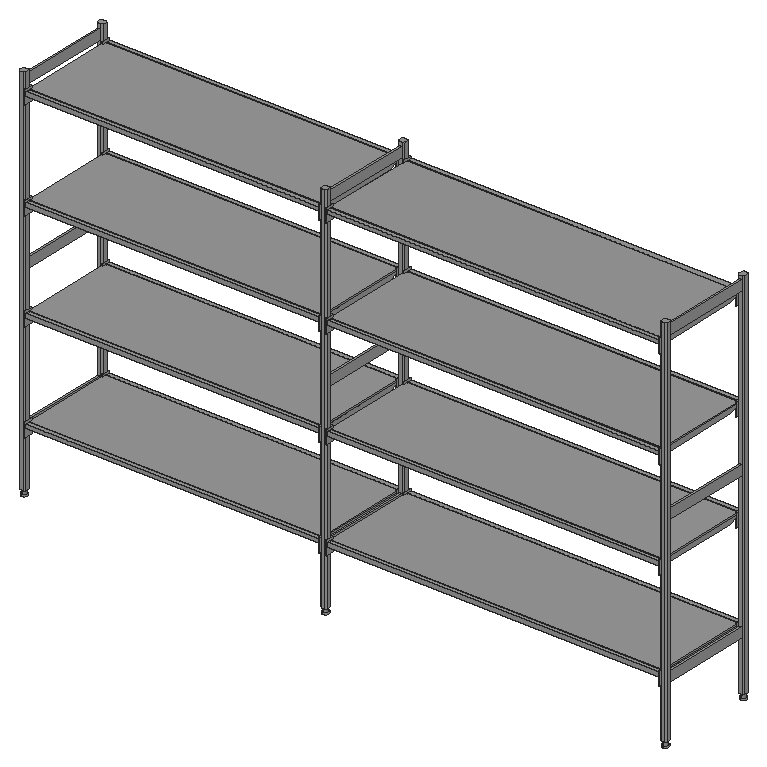
Revit family "QF_ELECTROLUXPROFESSIONAL_137049_BLS2935", category Attrezzature speciali, Revit 2020
Family settings
  Quota connettore circolare = Usa diametro
  Tipo di parte = Normale
  Basato su piano di lavoro = No
  Sempre verticale = Sì
  Taglio con vuoti quando caricato = No
  Condiviso = No
  Punto di calcolo locali = No
Parameters (values of type "Standard")
  Weight = 51.00 kg
  Watts = 0 W
  Volts = 0 V
  URL Manufacturer = "https://www.electroluxprofessional.com/"
  URL = "https://www.electroluxprofessional.com/"
  Steam Supply Size = 0 mm
  Steam Supply Minimum Pressure = 0.0 Pa
  Steam Supply Maximum Pressure = 0.0 Pa
  Steam Consumption per Hour = 0
  Refrigeration Suction Line Size = 0.0 mm
  Refrigeration Liquid Line Size = 0.0 mm
  Refrigerant Compressor Remote = yes
  Prospetto di default = 0.0 mm
  Phase = 0
  Modello = "BLS2935"
  Produttore = "Electrolux Professional"
  Length Actual = 2935.0 mm  # constant formula
  Item Number = "137049"
  Hot Water Size = 0 mm
  Height Actual = 1700.0 mm  # constant formula
  HP = "0 HP"
  Gas Size = 0 mm
  Gas KW = 0
  Gas Input Pressure = 0 W
  Direct Waste Size = 0 mm
  Descrizione = "ALUM.LINEAR SHELV.-POLY.TIERS-475X2935MM"
  Depth Actual = 475.0 mm  # constant formula
  Cycle = 0 Hz
  Condensate Return Size = 0 mm
  Compressed Air Volume = 0.0 L/s
  Compressed Air Size = 0 mm
  Compressed Air Pressure = 0.0 Pa
  Cold Water Size = 0 mm
  Accessory = yes
Reference planes
  plane 1: z = 0
  plane 2 "CenterLeft": x = -31
  plane 3 "LEFT": x = -417
  plane 4 "BACK": y = 23
  plane 5 "FRONT": y = -452
  plane 6 "TOP": z = 1700
  plane 7: x = -385
  plane 8: x = 945
  plane 9 "Center (Front/Back)": y = -214.5
  plane 10: y = -8.5
  plane 11: y = -420.5
  plane 12 "FEET": z = 25
  plane 13: z = 275
  plane 14: z = 725
  plane 15: z = 1175
  plane 16: z = 1625
  plane 17 "CXLeft": x = -403
  plane 18 "Center (Left/Right)": x = 963
  plane 19: y = 5.5
  plane 20 "CYBack": y = 5.5
  plane 21 "CYFront": y = -434.5
  plane 22 "RIGHT": x = 2518
  plane 23: x = 2486
  plane 24 "CXRight": x = 2504
  plane 25: x = 981
Forms (mm)
  Extrusion 1, solid, material "QF_Aluminum"
    sketch origin (-417, 0, -4.006) x (0, 1, 0) y (0, 0, 1)
      loop
        line (-12, 1637.003) -> (4, 1637.003) -> (4, 1655) -> (2.007, 1655) -> (2.007, 1648.501) -> (-431, 1648.501) -> (-431, 1655) -> (-433, 1655) -> (-433, 1637.003) -> (-417, 1637.003) -> (-383, 1625) -> (-46, 1625) -> (-12, 1637.003)
      loop
        line (-12, 1187.003) -> (4, 1187.003) -> (4, 1205) -> (2.007, 1205) -> (2.007, 1198.501) -> (-431, 1198.501) -> (-431, 1205) -> (-433, 1205) -> (-433, 1187.003) -> (-417, 1187.003) -> (-383, 1175) -> (-46, 1175) -> (-12, 1187.003)
      loop
        line (-12, 737.003) -> (4, 737.003) -> (4, 755) -> (2.007, 755) -> (2.007, 748.501) -> (-431, 748.501) -> (-431, 755) -> (-433, 755) -> (-433, 737.003) -> (-417, 737.003) -> (-383, 725) -> (-46, 725) -> (-12, 737.003)
      loop
        line (-12, 287.003) -> (4, 287.003) -> (4, 305) -> (2.007, 305) -> (2.007, 298.501) -> (-431, 298.501) -> (-431, 305) -> (-433, 305) -> (-433, 287.003) -> (-417, 287.003) -> (-383, 275) -> (-46, 275) -> (-12, 287.003)
    from 37 to 32
  Extrusion 2, solid, material "QF_Aluminum"
    sketch origin (-417, 0, 0) x (0, 1, 0) y (0, 0, 1)
      loop
        line (23, 246.005) -> (23, 307.993) -> (-12.993, 307.993) -> (-12.993, 246.005) -> (23, 246.005)
      loop
        line (-452, 246.005) -> (-416.007, 246.005) -> (-416.007, 307.993) -> (-452, 307.993) -> (-452, 246.005)
      loop
        line (23, 696.005) -> (23, 757.993) -> (-12.993, 757.993) -> (-12.993, 696.005) -> (23, 696.005)
      loop
        line (-452, 696.005) -> (-416.007, 696.005) -> (-416.007, 757.993) -> (-452, 757.993) -> (-452, 696.005)
      loop
        line (23, 1146.005) -> (23, 1207.993) -> (-12.993, 1207.993) -> (-12.993, 1146.005) -> (23, 1146.005)
      loop
        line (-452, 1146.005) -> (-416.007, 1146.005) -> (-416.007, 1207.993) -> (-452, 1207.993) -> (-452, 1146.005)
      loop
        line (23, 1596.005) -> (23, 1657.993) -> (-12.993, 1657.993) -> (-12.993, 1596.005) -> (23, 1596.005)
      loop
        line (-452, 1596.005) -> (-416.007, 1596.005) -> (-416.007, 1657.993) -> (-452, 1657.993) -> (-452, 1596.005)
    from 28 to 32
  Extrusion 3, solid, material "QF_Aluminum"
    sketch origin (-417, 0, 0) x (0, 1, 0) y (0, 0, 1)
      loop
        line (4, 1650.994) -> (4, 1632.998) -> (23, 1632.998) -> (23, 1650.994) -> (4, 1650.994)
      loop
        line (-433, 1650.994) -> (-452, 1650.994) -> (-452, 1632.998) -> (-433, 1632.998) -> (-433, 1650.994)
      loop
        line (4, 1200.994) -> (4, 1182.998) -> (23, 1182.998) -> (23, 1200.994) -> (4, 1200.994)
      loop
        line (-433, 1200.994) -> (-452, 1200.994) -> (-452, 1182.998) -> (-433, 1182.998) -> (-433, 1200.994)
      loop
        line (4, 750.994) -> (4, 732.998) -> (23, 732.998) -> (23, 750.994) -> (4, 750.994)
      loop
        line (-433, 750.994) -> (-452, 750.994) -> (-452, 732.998) -> (-433, 732.998) -> (-433, 750.994)
      loop
        line (4, 300.994) -> (4, 282.998) -> (23, 282.998) -> (23, 300.994) -> (4, 300.994)
      loop
        line (-433, 300.994) -> (-452, 300.994) -> (-452, 282.998) -> (-433, 282.998) -> (-433, 300.994)
    from 32 to 1362
  Extrusion 4, solid, material "QF_Polyethylene"
    sketch origin (-417, 0, 0) x (0, 1, 0) y (0, 0, 1)
      loop
        line (2.007, 1650.994) -> (-431, 1650.994) -> (-431, 1644.496) -> (2.007, 1644.496) -> (2.007, 1650.994)
      loop
        line (2.007, 1200.994) -> (-431, 1200.994) -> (-431, 1194.496) -> (2.007, 1194.496) -> (2.007, 1200.994)
      loop
        line (2.007, 750.994) -> (-431, 750.994) -> (-431, 744.496) -> (2.007, 744.496) -> (2.007, 750.994)
      loop
        line (2.007, 300.994) -> (-431, 300.994) -> (-431, 294.496) -> (2.007, 294.496) -> (2.007, 300.994)
    from 32 to 1362
  Extrusion 5, solid, material "QF_Aluminum"
    sketch origin (2518, 0, 0) x (0, 1, 0) y (0, 0, 1)
      loop
        line (4, 1650.994) -> (4, 1632.998) -> (23, 1632.998) -> (23, 1650.994) -> (4, 1650.994)
      loop
        line (-433, 1650.994) -> (-452, 1650.994) -> (-452, 1632.998) -> (-433, 1632.998) -> (-433, 1650.994)
      loop
        line (4, 1200.994) -> (4, 1182.998) -> (23, 1182.998) -> (23, 1200.994) -> (4, 1200.994)
      loop
        line (-433, 1200.994) -> (-452, 1200.994) -> (-452, 1182.998) -> (-433, 1182.998) -> (-433, 1200.994)
      loop
        line (4, 750.994) -> (4, 732.998) -> (23, 732.998) -> (23, 750.994) -> (4, 750.994)
      loop
        line (-433, 750.994) -> (-452, 750.994) -> (-452, 732.998) -> (-433, 732.998) -> (-433, 750.994)
      loop
        line (4, 300.994) -> (4, 282.998) -> (23, 282.998) -> (23, 300.994) -> (4, 300.994)
      loop
        line (-433, 300.994) -> (-452, 300.994) -> (-452, 282.998) -> (-433, 282.998) -> (-433, 300.994)
    from -32 to -1537
  Extrusion 6, solid, material "QF_Polyethylene"
    sketch origin (2518, 0, 0) x (0, 1, 0) y (0, 0, 1)
      loop
        line (2.007, 1650.994) -> (-431, 1650.994) -> (-431, 1644.496) -> (2.007, 1644.496) -> (2.007, 1650.994)
      loop
        line (2.007, 1200.994) -> (-431, 1200.994) -> (-431, 1194.496) -> (2.007, 1194.496) -> (2.007, 1200.994)
      loop
        line (2.007, 750.994) -> (-431, 750.994) -> (-431, 744.496) -> (2.007, 744.496) -> (2.007, 750.994)
      loop
        line (2.007, 300.994) -> (-431, 300.994) -> (-431, 294.496) -> (2.007, 294.496) -> (2.007, 300.994)
    from -32 to -1537
Lines and regions (mm)
  symbolic lines
    curve 1: line (945, 4, 1700) -> (-385, 4, 1700)
    curve 2: line (-408, -8.5, 1700) -> (-408, -420.5, 1700)
    curve 3: line (-398, -420.5, 1700) -> (-398, -8.5, 1700)
    curve 4: line (-389, 23, 1700) -> (949, 23, 1700)
    curve 5: line (-385, -452, 1700) -> (945, -452, 1700)
    curve 6: line (977, 23, 1700) -> (2490, 23, 1700)
    curve 7: line (977, -452, 1700) -> (2490, -452, 1700)
    curve 8: line (-385, -433, 1700) -> (945, -433, 1700)
    curve 9: line (981, -433, 1700) -> (2486, -433, 1700)
    curve 10: line (981, 4, 1700) -> (2486, 4, 1700)
    curve 11: line (2486, -12.993, 1700) -> (2486, -416.007, 1700)
    curve 12: line (945, -12.993, 1700) -> (945, -416.007, 1700)
    curve 13: line (981, -416.007, 1700) -> (981, -12.993, 1700)
    curve 14: line (-385, -12.993, 1700) -> (-385, -416.007, 1700)
Dimensions and locks
  plane 3 "LEFT" to plane 2 "CenterLeft" = 386.0 mm
  locked: plane 6 "TOP" to level at 1700
  locked: plane 4 "BACK" to plane 5 "FRONT" at 475
  locked: plane 7 to plane 8 at 1330
  locked: plane 10 to plane 11 at 412
  equal spacing: plane 10, plane 9 "Center (Front/Back)", plane 11
  equal spacing: plane 4 "BACK", plane 9 "Center (Front/Back)", plane 5 "FRONT"
  plane 12 "FEET" to level = 25.0 mm
  plane 6 "TOP" to plane 12 "FEET" = 1675.0 mm
  plane 13 to plane 12 "FEET" = 250.0 mm
  plane 14 to plane 13 = 450.0 mm
  plane 15 to plane 14 = 450.0 mm
  plane 16 to plane 15 = 450.0 mm
  locked: plane 4 "BACK" to plane 20 "CYBack" at 17.5
  locked: plane 21 "CYFront" to plane 5 "FRONT" at 17.5
  locked: plane 4 "BACK" to Extrusion 1 at 19
  locked: Extrusion 1 to plane 5 "FRONT" at 19
  Extrusion 1 sketch curve to plane 21 "CYFront" = 3.5 mm
  plane 3 "LEFT" to plane 22 "RIGHT" = 2935.0 mm
  locked: plane 25 to plane 23 at 1505
  locked: plane 8 to plane 18 "Center (Left/Right)" at 18
  locked: plane 18 "Center (Left/Right)" to plane 25 at 18
  locked: plane 3 "LEFT" to plane 7 at 32
  locked: plane 24 "CXRight" to plane 22 "RIGHT" at 14
  aligned and locked: level to plane 1
  aligned and locked: plane 7 to Extrusion 1
  aligned and locked: Extrusion 2 to plane 7
  aligned and locked: plane 7 to Extrusion 4
  aligned and locked: Extrusion 4 to plane 8
  aligned and locked: plane 7 to Extrusion 3
  aligned and locked: Extrusion 3 to plane 8
  aligned and locked: Extrusion 3 sketch curve to Extrusion 1
  aligned and locked: Extrusion 1 to Extrusion 3 sketch curve
  aligned and locked: Extrusion 3 sketch curve to Extrusion 3 sketch curve  (x2)
  aligned and locked: Extrusion 1 sketch curve to Extrusion 1 sketch curve  (x3)
  aligned and locked: Extrusion 4 sketch curve to Extrusion 1  (x4)
  aligned and locked: Extrusion 5 sketch curve to Extrusion 5 sketch curve  (x2)
  aligned and locked: Extrusion 5 to plane 25
  aligned and locked: Extrusion 6 to plane 25
  aligned and locked: nested 3 to plane 18 "Center (Left/Right)"
  aligned and locked: nested 1 to plane 17 "CXLeft"
  aligned and locked: Extrusion 3 to plane 7  (x3)
  aligned and locked: plane 8 to Extrusion 3  (x4)
  aligned and locked: plane 25 to Extrusion 5  (x4)
  aligned and locked: plane 25 to Extrusion 6  (x4)
  aligned and locked: plane 8 to Extrusion 4  (x4)
  aligned and locked: nested 2 to plane 24 "CXRight"
  aligned and locked: Extrusion 5 to plane 23
  aligned and locked: Extrusion 6 to plane 23
  aligned and locked: plane 23 to Extrusion 5  (x3)
  aligned and locked: plane 23 to Extrusion 6  (x3)
Automatic sketch dimensions
  plane 21 "CYFront" to Extrusion 1 sketch curve = 1.5 mm  (x4)
  plane 11 to Extrusion 1 sketch curve = 3.5 mm  (x4)
  Extrusion 1 sketch curve to plane 13 = 4.006 mm
  Extrusion 1 sketch curve to Extrusion 1 sketch curve = 34.0 mm  (x4)
  Extrusion 1 sketch curve to plane 14 = 4.006 mm
  Extrusion 1 sketch curve to plane 15 = 4.006 mm
  Extrusion 1 sketch curve to plane 16 = 4.006 mm
  Extrusion 1 sketch curve to plane 10 = 37.5 mm  (x4)
  Extrusion 1 sketch curve to plane 10 = 3.5 mm  (x4)
  plane 19 to Extrusion 1 sketch curve = 3.493 mm  (x4)
  plane 19 to Extrusion 1 sketch curve = 1.5 mm  (x4)
  plane 13 to Extrusion 1 sketch curve = 7.998 mm  (x2)
  Extrusion 1 sketch curve to Extrusion 1 sketch curve = 11.498 mm  (x4)
  Extrusion 1 sketch curve to Extrusion 1 sketch curve = 6.499 mm  (x8)
  plane 14 to Extrusion 1 sketch curve = 7.998 mm  (x2)
  plane 15 to Extrusion 1 sketch curve = 7.998 mm  (x2)
  plane 16 to Extrusion 1 sketch curve = 7.998 mm  (x2)
  Extrusion 2 sketch curve to plane 5 "FRONT" = 0.0 mm  (x4)
  Extrusion 2 sketch curve to plane 4 "BACK" = 0.0 mm  (x4)
  plane 11 to Extrusion 2 sketch curve = 4.493 mm  (x4)
  Extrusion 2 sketch curve to plane 10 = 4.493 mm  (x4)
  Extrusion 2 sketch curve to plane 13 = 28.995 mm  (x2)
  plane 13 to Extrusion 2 sketch curve = 32.993 mm  (x2)
  Extrusion 2 sketch curve to plane 14 = 28.995 mm  (x2)
  plane 14 to Extrusion 2 sketch curve = 32.993 mm  (x2)
  Extrusion 2 sketch curve to plane 15 = 28.995 mm  (x2)
  plane 15 to Extrusion 2 sketch curve = 32.993 mm  (x2)
  Extrusion 2 sketch curve to plane 16 = 28.995 mm  (x2)
  plane 16 to Extrusion 2 sketch curve = 32.993 mm  (x2)
  Extrusion 3 sketch curve to plane 5 "FRONT" = 0.0 mm  (x4)
  Extrusion 3 sketch curve to plane 4 "BACK" = 0.0 mm  (x4)
  plane 19 to Extrusion 3 sketch curve = 1.5 mm  (x4)
  plane 13 to Extrusion 3 sketch curve = 7.998 mm  (x2)
  Extrusion 3 sketch curve to Extrusion 3 sketch curve = 17.997 mm  (x8)
  plane 14 to Extrusion 3 sketch curve = 7.998 mm  (x2)
  plane 15 to Extrusion 3 sketch curve = 7.998 mm  (x2)
  plane 16 to Extrusion 3 sketch curve = 7.998 mm  (x2)
  plane 19 to Extrusion 4 sketch curve = 3.493 mm  (x4)
  plane 13 to Extrusion 4 sketch curve = 19.496 mm
  Extrusion 4 sketch curve to Extrusion 4 sketch curve = 6.499 mm  (x4)
  plane 14 to Extrusion 4 sketch curve = 19.496 mm
  plane 15 to Extrusion 4 sketch curve = 19.496 mm
  plane 16 to Extrusion 4 sketch curve = 19.496 mm
  Extrusion 5 sketch curve to plane 5 "FRONT" = 0.0 mm  (x4)
  Extrusion 5 sketch curve to plane 4 "BACK" = 0.0 mm  (x4)
  plane 21 "CYFront" to Extrusion 5 sketch curve = 1.5 mm  (x2)
  plane 19 to Extrusion 5 sketch curve = 1.5 mm  (x4)
  plane 13 to Extrusion 5 sketch curve = 7.998 mm  (x2)
  Extrusion 5 sketch curve to Extrusion 5 sketch curve = 17.997 mm  (x8)
  plane 14 to Extrusion 5 sketch curve = 7.998 mm  (x2)
  plane 15 to Extrusion 5 sketch curve = 7.998 mm  (x2)
  plane 16 to Extrusion 5 sketch curve = 7.998 mm  (x2)
  plane 21 "CYFront" to Extrusion 6 sketch curve = 3.5 mm  (x4)
  plane 19 to Extrusion 6 sketch curve = 3.493 mm  (x4)
  plane 13 to Extrusion 6 sketch curve = 19.496 mm
  Extrusion 6 sketch curve to Extrusion 6 sketch curve = 6.499 mm  (x4)
  plane 14 to Extrusion 6 sketch curve = 19.496 mm
  plane 15 to Extrusion 6 sketch curve = 19.496 mm
  plane 16 to Extrusion 6 sketch curve = 19.496 mm
  curve 7 to plane 5 "FRONT" = 0.0 mm
  curve 5 to plane 5 "FRONT" = 0.0 mm
  curve 8 to plane 8 = 0.0 mm
  curve 9 to plane 25 = 0.0 mm
  curve 9 to plane 23 = 0.0 mm
  curve 8 to plane 7 = 0.0 mm
  curve 2 to plane 11 = 0.0 mm
  curve 3 to plane 11 = 0.0 mm
  curve 14 to plane 7 = 0.0 mm
  curve 13 to plane 25 = 0.0 mm
  curve 12 to plane 8 = 0.0 mm
  curve 11 to plane 23 = 0.0 mm
  curve 3 to plane 10 = 0.0 mm
  curve 2 to plane 10 = 0.0 mm
  curve 1 to plane 8 = 0.0 mm
  curve 1 to plane 7 = 0.0 mm
  curve 10 to plane 23 = 0.0 mm
  curve 10 to plane 25 = 0.0 mm
  curve 4 to plane 4 "BACK" = 0.0 mm
  curve 6 to plane 4 "BACK" = 0.0 mm
  curve 5 to plane 8 = 0.0 mm
  curve 5 to plane 7 = 0.0 mm
  plane 21 "CYFront" to curve 8 = 1.5 mm
  plane 21 "CYFront" to curve 9 = 1.5 mm
  plane 11 to curve 14 = 4.493 mm
  plane 11 to curve 13 = 4.493 mm
  plane 11 to curve 12 = 4.493 mm
  plane 11 to curve 11 = 4.493 mm
  curve 14 to plane 10 = 4.493 mm
  curve 13 to plane 10 = 4.493 mm
  curve 12 to plane 10 = 4.493 mm
  curve 11 to plane 10 = 4.493 mm
  plane 19 to curve 1 = 1.5 mm
  plane 19 to curve 10 = 1.5 mm
  curve 6 to plane 23 = 4.0 mm
  curve 7 to plane 23 = 4.0 mm
  curve 6 to plane 25 = 4.0 mm
  curve 7 to plane 25 = 4.0 mm
  curve 4 to plane 8 = 4.0 mm
  plane 7 to curve 4 = 4.0 mm
  plane 17 "CXLeft" to curve 3 = 5.0 mm
  curve 2 to plane 17 "CXLeft" = 5.0 mm
Nested families
  nested 1: "WT_Anta475" at (0, 0, 0), type "WT_Anta475"
  nested 2: "WT_Anta475" at (2101, 0, 0) x (-1, 0, 0) z (0, 0, 1), type "WT_Anta475"
  nested 3: "WT_Anta475Center" at (1366, 0, 0), type "WT_Anta475Center"
Definition of nested family "WT_Anta475"
  Parameters
    WidthLeft = A + 64.0 mm  # 772.0 mm
    Width = 1606.0 mm
    Right = WidthLeft / 2  # 386.0 mm
    Default Elevation = 0.0 mm
    Left = -WidthLeft / 2  # -386.0 mm
    Height = 1725.0 mm
    FEET = 25.0 mm
    E = 0.0 mm
    Dint = Depth - 63.0 mm  # 412.0 mm
    Dext = Depth - 8.0 mm  # 467.0 mm
    Depth = 475.0 mm
    DX = (WidthLeft - A) / 2  # 32.0 mm
    B = 798.0 mm
    A = 708.0 mm
  Reference planes
    plane 1: z = 0
    plane 2 "LEFT": x = -417
    plane 3 "BACK": y = 23
    plane 4 "FRONT": y = -452
    plane 5 "TOP": z = 1725
    plane 6 "Center (Front/Back)": y = -214.5
    plane 7: y = -8.5
    plane 8: y = -420.5
    plane 9 "FEET": z = 25
    plane 10: z = 275
    plane 11: z = 725
    plane 12: z = 1175
    plane 13: z = 1625
    plane 14 "CXLeft": x = -403
    plane 15: y = 5.5
    plane 16 "CYBack": y = 5.5
    plane 17 "CYFront": y = -434.5
    plane 18: x = -385.031
    plane 19: x = -380.031
  Forms (mm)
    Extrusion 1, solid
      sketch origin (0, 0, 0) x (1, 0, 0) y (0, 1, 0)
        loop
          line (-417, 13.246) -> (-417, -2.246) -> (-410.746, -8.5) -> (-395.254, -8.5) -> (-389, -2.246) -> (-389, 13.246) -> (-395.254, 19.5) -> (-410.746, 19.5) -> (-417, 13.246)
      from 1725 to 25
    Extrusion 2, solid
      sketch origin (-417, 0, 0) x (0, 1, 0) y (0, 0, 1)
        loop
          line (23, 246.005) -> (23, 307.993) -> (-12.993, 307.993) -> (-12.993, 246.005) -> (23, 246.005)
        loop
          line (-452, 246.005) -> (-416.007, 246.005) -> (-416.007, 307.993) -> (-452, 307.993) -> (-452, 246.005)
        loop
          line (23, 696.005) -> (23, 757.993) -> (-12.993, 757.993) -> (-12.993, 696.005) -> (23, 696.005)
        loop
          line (-452, 696.005) -> (-416.007, 696.005) -> (-416.007, 757.993) -> (-452, 757.993) -> (-452, 696.005)
        loop
          line (23, 1146.005) -> (23, 1207.993) -> (-12.993, 1207.993) -> (-12.993, 1146.005) -> (23, 1146.005)
        loop
          line (-452, 1146.005) -> (-416.007, 1146.005) -> (-416.007, 1207.993) -> (-452, 1207.993) -> (-452, 1146.005)
        loop
          line (23, 1596.005) -> (23, 1657.993) -> (-12.993, 1657.993) -> (-12.993, 1596.005) -> (23, 1596.005)
        loop
          line (-452, 1596.005) -> (-416.007, 1596.005) -> (-416.007, 1657.993) -> (-452, 1657.993) -> (-452, 1596.005)
      from 28 to 32
    Revolve 3, solid
      sketch origin (-403, 0, 0) x (0, 1, 0) y (0, 0, 1)
        loop
          line (5.5, 25) -> (5.5, 0) -> (19, 0) -> (19, 5) -> (14, 5) -> (14, 25) -> (5.5, 25)
        axis (5.5, 25) -> (5.5, 0)
      angle from 0 to 360
    Extrusion 4, solid
      sketch origin (-403, 0, 0) x (0, 1, 0) y (0, 0, 1)
        loop
          line (-8.5, 912.382) -> (-8.5, 957.374) -> (-420.5, 957.374) -> (-420.5, 912.382) -> (-8.5, 912.382)
        loop
          line (-8.5, 1662.244) -> (-8.5, 1707.236) -> (-420.5, 1707.236) -> (-420.5, 1662.244) -> (-8.5, 1662.244)
      from -5 to 5
    Revolve 5, solid
      sketch origin (-403, -627, 0) x (0, -1, 0) y (0, 0, 1)
        loop
          line (-192.5, 25) -> (-192.5, 0) -> (-179, 0) -> (-179, 5) -> (-184, 5) -> (-184, 25) -> (-192.5, 25)
        axis (-192.5, 25) -> (-192.5, 0)
      angle from 0 to 360
    Extrusion 6, solid
      sketch origin (0, -627, 0) x (1, 0, 0) y (0, 1, 0)
        loop
          line (-417, 184.754) -> (-410.746, 178.5) -> (-395.254, 178.5) -> (-389, 184.754) -> (-389, 200.246) -> (-395.254, 206.5) -> (-410.746, 206.5) -> (-417, 200.246) -> (-417, 184.754)
      from 1725 to 25
    Extrusion 7, solid
      sketch origin (-417.031, -0.022, 0) x (0, 1, 0) y (0, 0, -1)
        loop
          line (-12, -1632.998) -> (-46, -1620.994) -> (-383, -1620.994) -> (-417, -1632.998) -> (-433, -1632.998) -> (-433, -1650.994) -> (-431, -1650.994) -> (-431, -1644.496) -> (2.007, -1644.496) -> (2.007, -1650.994) -> (4, -1650.994) -> (4, -1632.998) -> (-12, -1632.998)
        loop
          line (-12, -1182.998) -> (-46, -1170.994) -> (-383, -1170.994) -> (-417, -1182.998) -> (-433, -1182.998) -> (-433, -1200.994) -> (-431, -1200.994) -> (-431, -1194.496) -> (2.007, -1194.496) -> (2.007, -1200.994) -> (4, -1200.994) -> (4, -1182.998) -> (-12, -1182.998)
        loop
          line (-12, -732.998) -> (-46, -720.994) -> (-383, -720.994) -> (-417, -732.998) -> (-433, -732.998) -> (-433, -750.994) -> (-431, -750.994) -> (-431, -744.496) -> (2.007, -744.496) -> (2.007, -750.994) -> (4, -750.994) -> (4, -732.998) -> (-12, -732.998)
        loop
          line (-12, -282.998) -> (-46, -270.994) -> (-383, -270.994) -> (-417, -282.998) -> (-433, -282.998) -> (-433, -300.994) -> (-431, -300.994) -> (-431, -294.496) -> (2.007, -294.496) -> (2.007, -300.994) -> (4, -300.994) -> (4, -282.998) -> (-12, -282.998)
      from -32 to -37
    Extrusion 8, solid
      sketch origin (-403, 0, -659.878) x (0, 1, 0) y (0, 0, 1)
        loop
          line (-8.5, 912.382) -> (-8.5, 957.374) -> (-420.5, 957.374) -> (-420.5, 912.382) -> (-8.5, 912.382)
        loop
          line (-8.5, 1572.382) -> (-8.5, 1617.374) -> (-420.5, 1617.374) -> (-420.5, 1572.382) -> (-8.5, 1572.382)
        loop
          line (-8.5, 2322.382) -> (-8.5, 2367.374) -> (-420.5, 2367.374) -> (-420.5, 2322.382) -> (-8.5, 2322.382)
      from -5 to 5
  Lines and regions (mm)
    symbolic lines
      curve 1: line (-408, -8.5, 1725) -> (-408, -420.5, 1725)
      curve 2: line (-398, -420.5, 1725) -> (-398, -8.5, 1725)
      curve 3: line (-395.254, -8.5, 1725) -> (-410.746, -8.5, 1725)
      curve 4: line (-417, -2.246, 1725) -> (-410.746, -8.5, 1725)
      curve 5: line (-417, 13.246, 1725) -> (-417, -2.246, 1725)
      curve 6: line (-410.746, 19.5, 1725) -> (-417, 13.246, 1725)
      curve 7: line (-395.254, 19.5, 1725) -> (-410.746, 19.5, 1725)
      curve 8: line (-389, 13.246, 1725) -> (-395.254, 19.5, 1725)
      curve 9: line (-395.254, -8.5, 1725) -> (-389, -2.246, 1725)
      curve 10: line (-395.254, -420.5, 1725) -> (-410.746, -420.5, 1725)
      curve 11: line (-417, -426.754, 1725) -> (-410.746, -420.5, 1725)
      curve 12: line (-410.746, -448.5, 1725) -> (-417, -442.246, 1725)
      curve 13: line (-395.254, -448.5, 1725) -> (-410.746, -448.5, 1725)
      curve 14: line (-389, -442.246, 1725) -> (-395.254, -448.5, 1725)
      curve 15: line (-395.254, -420.5, 1725) -> (-389, -426.754, 1725)
      curve 16: line (-389, -452, 1725) -> (-389, -416.007, 1725)
      curve 17: line (-389, -416.007, 1725) -> (-385, -416.007, 1725)
      curve 18: line (-389, 23, 1725) -> (-389, -12.993, 1725)
      curve 19: line (-389, -12.993, 1725) -> (-385, -12.993, 1725)
      curve 20: line (-417, -426.754, 1725) -> (-417, -442.246, 1725)
      curve 21: line (-385, -452, 1725) -> (-385, -416.007, 1725)
      curve 22: line (-385, -452, 1725) -> (-389, -452, 1725)
      curve 23: line (-385, 23, 1725) -> (-389, 23, 1725)
      curve 24: line (-385, -12.993, 1725) -> (-385, 23, 1725)
      curve 25: line (-385.031, -13.016, 1725) -> (-385.031, -416.029, 1725)
  Dimensions and locks
    "Height": plane 5 "TOP" to level
    "Depth": plane 3 "BACK" to plane 4 "FRONT"
    "Dint": plane 7 to plane 8
    equal spacing: plane 7, plane 6 "Center (Front/Back)", plane 8
    equal spacing: plane 3 "BACK", plane 6 "Center (Front/Back)", plane 4 "FRONT"
    plane 9 "FEET" to level = 25.0 mm
    plane 5 "TOP" to plane 9 "FEET" = 1700.0 mm
    plane 10 to plane 9 "FEET" = 250.0 mm
    plane 11 to plane 10 = 450.0 mm
    plane 12 to plane 11 = 450.0 mm
    plane 13 to plane 12 = 450.0 mm
    locked: plane 2 "LEFT" to plane 14 "CXLeft" at 14
    locked: plane 3 "BACK" to plane 16 "CYBack" at 17.5
    locked: plane 17 "CYFront" to plane 4 "FRONT" at 17.5
    locked: Revolve 3 sketch curve to Revolve 3 sketch curve at 8.5
    locked: Revolve 3 sketch curve to plane 16 "CYBack" at 13.5
    locked: Revolve 5 sketch curve to Revolve 5 sketch curve at 8.5
    aligned and locked: level to plane 1
    aligned and locked: curve 20 to Extrusion 6
    aligned and locked: plane 5 "TOP" to Extrusion 1
    aligned and locked: plane 5 "TOP" to Extrusion 6
    aligned and locked: Extrusion 7 sketch curve to Extrusion 7 sketch curve  (x3)
  Automatic sketch dimensions
    curve 16 to plane 4 "FRONT" = 0.0 mm
    curve 11 to plane 8 = 0.0 mm
    curve 9 to plane 7 = 0.0 mm
    curve 5 to plane 2 "LEFT" = 0.0 mm
    curve 23 to plane 3 "BACK" = 0.0 mm
    plane 4 "FRONT" to curve 13 = 3.5 mm
    curve 20 to plane 17 "CYFront" = 7.746 mm
    curve 20 to plane 8 = 6.254 mm
    plane 8 to curve 16 = 4.493 mm
    curve 24 to plane 18 = 0.031 mm
    curve 24 to plane 7 = 4.493 mm
    plane 7 to curve 5 = 6.254 mm
    curve 5 to plane 15 = 7.746 mm
    curve 6 to plane 3 "BACK" = 3.5 mm
    curve 21 to plane 18 = 0.031 mm
    plane 18 to curve 23 = 3.969 mm
    plane 18 to curve 16 = 3.969 mm
    curve 18 to curve 8 = 6.254 mm
    curve 18 to curve 3 = 6.254 mm
    curve 16 to curve 13 = 6.254 mm
    curve 16 to curve 15 = 6.254 mm
    plane 2 "LEFT" to curve 10 = 6.254 mm
    plane 2 "LEFT" to curve 7 = 6.254 mm
    plane 2 "LEFT" to curve 12 = 6.254 mm
    plane 2 "LEFT" to curve 3 = 6.254 mm
    curve 14 to plane 17 "CYFront" = 7.746 mm
    curve 15 to plane 8 = 6.254 mm
    plane 7 to curve 9 = 6.254 mm
    curve 8 to plane 15 = 7.746 mm
    curve 3 to curve 2 = 2.746 mm
    curve 1 to curve 10 = 2.746 mm
    Extrusion 1 sketch curve to plane 2 "LEFT" = 0.0 mm
    Extrusion 1 sketch curve to plane 7 = 0.0 mm
    plane 2 "LEFT" to Extrusion 1 sketch curve = 6.254 mm  (x2)
    plane 14 "CXLeft" to Extrusion 1 sketch curve = 7.746 mm  (x2)
    Extrusion 1 sketch curve to plane 3 "BACK" = 3.5 mm
    plane 18 to Extrusion 1 sketch curve = 3.969 mm
    plane 7 to Extrusion 1 sketch curve = 6.254 mm  (x2)
    Extrusion 1 sketch curve to plane 15 = 7.746 mm  (x2)
    Extrusion 2 sketch curve to plane 4 "FRONT" = 0.0 mm  (x4)
    Extrusion 2 sketch curve to plane 3 "BACK" = 0.0 mm  (x4)
    plane 8 to Extrusion 2 sketch curve = 4.493 mm  (x4)
    Extrusion 2 sketch curve to plane 7 = 4.493 mm  (x4)
    Extrusion 2 sketch curve to plane 10 = 28.995 mm  (x2)
    plane 10 to Extrusion 2 sketch curve = 32.993 mm  (x2)
    Extrusion 2 sketch curve to plane 11 = 28.995 mm  (x2)
    plane 11 to Extrusion 2 sketch curve = 32.993 mm  (x2)
    Extrusion 2 sketch curve to plane 12 = 28.995 mm  (x2)
    plane 12 to Extrusion 2 sketch curve = 32.993 mm  (x2)
    Extrusion 2 sketch curve to plane 13 = 28.995 mm  (x2)
    plane 13 to Extrusion 2 sketch curve = 32.993 mm  (x2)
    Revolve 3 sketch curve to plane 9 "FEET" = 0.0 mm  (x2)
    Revolve 3 sketch curve to plane 15 = 0.0 mm  (x2)
    Revolve 3 sketch curve to level = 0.0 mm
    level to Revolve 3 sketch curve = 5.0 mm
    Revolve 3 sketch curve to Revolve 3 sketch curve = 11.655 mm
    Extrusion 4 sketch curve to plane 8 = 0.0 mm  (x2)
    Extrusion 4 sketch curve to plane 7 = 0.0 mm  (x2)
    plane 11 to Extrusion 4 sketch curve = 187.382 mm
    Extrusion 4 sketch curve to Extrusion 4 sketch curve = 44.992 mm
    plane 13 to Extrusion 4 sketch curve = 37.244 mm
    Extrusion 4 sketch curve to plane 5 "TOP" = 17.764 mm
    Revolve 5 sketch curve to plane 9 "FEET" = 0.0 mm  (x2)
    Revolve 5 sketch curve to plane 17 "CYFront" = 0.0 mm  (x2)
    Revolve 5 sketch curve to level = 0.0 mm
    Revolve 5 sketch curve to plane 4 "FRONT" = 4.0 mm
    Revolve 5 sketch curve to Revolve 5 sketch curve = 5.0 mm
    level to Revolve 5 sketch curve = 11.655 mm
    Extrusion 6 sketch curve to plane 2 "LEFT" = 0.0 mm
    Extrusion 6 sketch curve to plane 8 = 0.0 mm
    Extrusion 6 sketch curve to plane 2 "LEFT" = 6.254 mm  (x2)
    Extrusion 6 sketch curve to plane 14 "CXLeft" = 7.746 mm  (x2)
    Extrusion 6 sketch curve to plane 4 "FRONT" = 3.5 mm
    Extrusion 6 sketch curve to plane 18 = 3.969 mm
    plane 8 to Extrusion 6 sketch curve = 6.254 mm  (x2)
    plane 17 "CYFront" to Extrusion 6 sketch curve = 7.746 mm  (x2)
    plane 17 "CYFront" to Extrusion 7 sketch curve = 1.478 mm  (x4)
    Extrusion 7 sketch curve to Extrusion 7 sketch curve = 2.0 mm
    plane 8 to Extrusion 7 sketch curve = 3.478 mm  (x4)
    Extrusion 7 sketch curve to plane 10 = 4.006 mm
    Extrusion 7 sketch curve to Extrusion 7 sketch curve = 34.0 mm  (x4)
    Extrusion 7 sketch curve to plane 11 = 4.006 mm
    Extrusion 7 sketch curve to plane 12 = 4.006 mm
    Extrusion 7 sketch curve to plane 13 = 4.006 mm
    Extrusion 7 sketch curve to plane 7 = 37.522 mm  (x4)
    Extrusion 7 sketch curve to plane 7 = 3.522 mm  (x4)
    plane 15 to Extrusion 7 sketch curve = 3.516 mm  (x4)
    plane 15 to Extrusion 7 sketch curve = 1.522 mm  (x4)
    plane 13 to Extrusion 7 sketch curve = 7.998 mm  (x2)
    Extrusion 7 sketch curve to Extrusion 7 sketch curve = 11.498 mm
    Extrusion 7 sketch curve to Extrusion 7 sketch curve = 6.499 mm  (x5)
    plane 12 to Extrusion 7 sketch curve = 25.994 mm  (x2)
    plane 12 to Extrusion 7 sketch curve = 7.998 mm  (x2)
    plane 11 to Extrusion 7 sketch curve = 25.994 mm  (x2)
    plane 11 to Extrusion 7 sketch curve = 7.998 mm  (x2)
    plane 10 to Extrusion 7 sketch curve = 25.994 mm  (x2)
    plane 10 to Extrusion 7 sketch curve = 7.998 mm  (x2)
    curve 25 to plane 18 = 0.0 mm
    plane 8 to curve 25 = 4.471 mm
    curve 25 to plane 7 = 4.516 mm
    Extrusion 8 sketch curve to plane 8 = 0.0 mm  (x3)
    Extrusion 8 sketch curve to plane 7 = 0.0 mm  (x3)
    Extrusion 8 sketch curve to plane 10 = 22.496 mm
    plane 10 to Extrusion 8 sketch curve = 22.496 mm
    plane 11 to Extrusion 8 sketch curve = 187.504 mm
    Extrusion 8 sketch curve to Extrusion 8 sketch curve = 44.992 mm
    plane 13 to Extrusion 8 sketch curve = 37.504 mm
    Extrusion 8 sketch curve to plane 5 "TOP" = 17.504 mm
Definition of nested family "WT_Anta475Center"
  Parameters
    WidthLeft = A + 64.0 mm  # 772.0 mm
    Width = 1606.0 mm
    Right = WidthLeft / 2  # 386.0 mm
    Default Elevation = 0.0 mm
    Left = -WidthLeft / 2  # -386.0 mm
    Height = 1725.0 mm
    FEET = 25.0 mm
    E = 0.0 mm
    Dint = Depth - 63.0 mm  # 412.0 mm
    Dext = Depth - 8.0 mm  # 467.0 mm
    Depth = 475.0 mm
    DX = (WidthLeft - A) / 2  # 32.0 mm
    B = 798.0 mm
    A = 708.0 mm
  Reference planes
    plane 1: z = 0
    plane 2 "L": x = -417
    plane 3 "BACK": y = 23
    plane 4 "FRONT": y = -452
    plane 5 "TOP": z = 1725
    plane 6 "Center (Front/Back)": y = -214.5
    plane 7: y = -8.5
    plane 8: y = -420.5
    plane 9 "FEET": z = 25
    plane 10: z = 275
    plane 11: z = 725
    plane 12: z = 1175
    plane 13: z = 1625
    plane 14 "CXLeft": x = -403
    plane 15: y = 5.5
    plane 16 "CYBack": y = 5.5
    plane 17 "CYFront": y = -434.5
    plane 18: x = -385.031
    plane 19 "RIGHT": x = -380.031
    plane 20: x = -420.969
    plane 21 "LEFT": x = -425.969
  Forms (mm)
    Extrusion 1, solid
      sketch origin (0, 0, 0) x (1, 0, 0) y (0, 1, 0)
        loop
          line (-417, 13.246) -> (-417, -2.246) -> (-410.746, -8.5) -> (-395.254, -8.5) -> (-389, -2.246) -> (-389, 13.246) -> (-395.254, 19.5) -> (-410.746, 19.5) -> (-417, 13.246)
      from 1725 to 25
    Extrusion 2, solid
      sketch origin (-417, 0, 0) x (0, 1, 0) y (0, 0, 1)
        loop
          line (23, 246.005) -> (23, 307.993) -> (-12.993, 307.993) -> (-12.993, 246.005) -> (23, 246.005)
        loop
          line (-452, 246.005) -> (-416.007, 246.005) -> (-416.007, 307.993) -> (-452, 307.993) -> (-452, 246.005)
        loop
          line (23, 696.005) -> (23, 757.993) -> (-12.993, 757.993) -> (-12.993, 696.005) -> (23, 696.005)
        loop
          line (-452, 696.005) -> (-416.007, 696.005) -> (-416.007, 757.993) -> (-452, 757.993) -> (-452, 696.005)
        loop
          line (23, 1146.005) -> (23, 1207.993) -> (-12.993, 1207.993) -> (-12.993, 1146.005) -> (23, 1146.005)
        loop
          line (-452, 1146.005) -> (-416.007, 1146.005) -> (-416.007, 1207.993) -> (-452, 1207.993) -> (-452, 1146.005)
        loop
          line (23, 1596.005) -> (23, 1657.993) -> (-12.993, 1657.993) -> (-12.993, 1596.005) -> (23, 1596.005)
        loop
          line (-452, 1596.005) -> (-416.007, 1596.005) -> (-416.007, 1657.993) -> (-452, 1657.993) -> (-452, 1596.005)
      from 28 to 32
    Revolve 3, solid
      sketch origin (-403, 0, 0) x (0, 1, 0) y (0, 0, 1)
        loop
          line (5.5, 25) -> (5.5, 0) -> (19, 0) -> (19, 5) -> (14, 5) -> (14, 25) -> (5.5, 25)
        axis (5.5, 25) -> (5.5, 0)
      angle from 0 to 360
    Extrusion 4, solid
      sketch origin (-403, 0, 0) x (0, 1, 0) y (0, 0, 1)
        loop
          line (-8.5, 912.382) -> (-8.5, 957.374) -> (-420.5, 957.374) -> (-420.5, 912.382) -> (-8.5, 912.382)
        loop
          line (-8.5, 1662.244) -> (-8.5, 1707.236) -> (-420.5, 1707.236) -> (-420.5, 1662.244) -> (-8.5, 1662.244)
      from -5 to 5
    Revolve 5, solid
      sketch origin (-403, -627, 0) x (0, -1, 0) y (0, 0, 1)
        loop
          line (-192.5, 25) -> (-192.5, 0) -> (-179, 0) -> (-179, 5) -> (-184, 5) -> (-184, 25) -> (-192.5, 25)
        axis (-192.5, 25) -> (-192.5, 0)
      angle from 0 to 360
    Extrusion 6, solid
      sketch origin (0, -627, 0) x (1, 0, 0) y (0, 1, 0)
        loop
          line (-417, 184.754) -> (-410.746, 178.5) -> (-395.254, 178.5) -> (-389, 184.754) -> (-389, 200.246) -> (-395.254, 206.5) -> (-410.746, 206.5) -> (-417, 200.246) -> (-417, 184.754)
      from 1725 to 25
    Extrusion 7, solid
      sketch origin (-417.031, -0.022, 0) x (0, 1, 0) y (0, 0, -1)
        loop
          line (-12, -1632.998) -> (-46, -1620.994) -> (-383, -1620.994) -> (-417, -1632.998) -> (-433, -1632.998) -> (-433, -1650.994) -> (-431, -1650.994) -> (-431, -1644.496) -> (2.007, -1644.496) -> (2.007, -1650.994) -> (4, -1650.994) -> (4, -1632.998) -> (-12, -1632.998)
        loop
          line (-12, -1182.998) -> (-46, -1170.994) -> (-383, -1170.994) -> (-417, -1182.998) -> (-433, -1182.998) -> (-433, -1200.994) -> (-431, -1200.994) -> (-431, -1194.496) -> (2.007, -1194.496) -> (2.007, -1200.994) -> (4, -1200.994) -> (4, -1182.998) -> (-12, -1182.998)
        loop
          line (-12, -732.998) -> (-46, -720.994) -> (-383, -720.994) -> (-417, -732.998) -> (-433, -732.998) -> (-433, -750.994) -> (-431, -750.994) -> (-431, -744.496) -> (2.007, -744.496) -> (2.007, -750.994) -> (4, -750.994) -> (4, -732.998) -> (-12, -732.998)
        loop
          line (-12, -282.998) -> (-46, -270.994) -> (-383, -270.994) -> (-417, -282.998) -> (-433, -282.998) -> (-433, -300.994) -> (-431, -300.994) -> (-431, -294.496) -> (2.007, -294.496) -> (2.007, -300.994) -> (4, -300.994) -> (4, -282.998) -> (-12, -282.998)
      from -32 to -37
    Extrusion 8, solid
      sketch origin (-403, 0, -659.878) x (0, 1, 0) y (0, 0, 1)
        loop
          line (-8.5, 912.382) -> (-8.5, 957.374) -> (-420.5, 957.374) -> (-420.5, 912.382) -> (-8.5, 912.382)
        loop
          line (-8.5, 1572.382) -> (-8.5, 1617.374) -> (-420.5, 1617.374) -> (-420.5, 1572.382) -> (-8.5, 1572.382)
        loop
          line (-8.5, 2322.382) -> (-8.5, 2367.374) -> (-420.5, 2367.374) -> (-420.5, 2322.382) -> (-8.5, 2322.382)
      from -5 to 5
    Extrusion 9, solid
      sketch origin (-389, 0, 0) x (0, 1, 0) y (0, 0, -1)
        loop
          line (23, -246.005) -> (-12.993, -246.005) -> (-12.993, -307.993) -> (23, -307.993) -> (23, -246.005)
        loop
          line (-452, -246.005) -> (-452, -307.993) -> (-416.007, -307.993) -> (-416.007, -246.005) -> (-452, -246.005)
        loop
          line (23, -696.005) -> (-12.993, -696.005) -> (-12.993, -757.993) -> (23, -757.993) -> (23, -696.005)
        loop
          line (-452, -696.005) -> (-452, -757.993) -> (-416.007, -757.993) -> (-416.007, -696.005) -> (-452, -696.005)
        loop
          line (23, -1146.005) -> (-12.993, -1146.005) -> (-12.993, -1207.993) -> (23, -1207.993) -> (23, -1146.005)
        loop
          line (-452, -1146.005) -> (-452, -1207.993) -> (-416.007, -1207.993) -> (-416.007, -1146.005) -> (-452, -1146.005)
        loop
          line (23, -1596.005) -> (-12.993, -1596.005) -> (-12.993, -1657.993) -> (23, -1657.993) -> (23, -1596.005)
        loop
          line (-452, -1596.005) -> (-452, -1657.993) -> (-416.007, -1657.993) -> (-416.007, -1596.005) -> (-452, -1596.005)
      from 28 to 32
    Extrusion 10, solid
      sketch origin (-388.969, -0.022, 0) x (0, 1, 0) y (0, 0, 1)
        loop
          line (-12, 1632.998) -> (4, 1632.998) -> (4, 1650.994) -> (2.007, 1650.994) -> (2.007, 1644.496) -> (-431, 1644.496) -> (-431, 1650.994) -> (-433, 1650.994) -> (-433, 1632.998) -> (-417, 1632.998) -> (-383, 1620.994) -> (-46, 1620.994) -> (-12, 1632.998)
        loop
          line (-12, 1182.998) -> (4, 1182.998) -> (4, 1200.994) -> (2.007, 1200.994) -> (2.007, 1194.496) -> (-431, 1194.496) -> (-431, 1200.994) -> (-433, 1200.994) -> (-433, 1182.998) -> (-417, 1182.998) -> (-383, 1170.994) -> (-46, 1170.994) -> (-12, 1182.998)
        loop
          line (-12, 732.998) -> (4, 732.998) -> (4, 750.994) -> (2.007, 750.994) -> (2.007, 744.496) -> (-431, 744.496) -> (-431, 750.994) -> (-433, 750.994) -> (-433, 732.998) -> (-417, 732.998) -> (-383, 720.994) -> (-46, 720.994) -> (-12, 732.998)
        loop
          line (-12, 282.998) -> (4, 282.998) -> (4, 300.994) -> (2.007, 300.994) -> (2.007, 294.496) -> (-431, 294.496) -> (-431, 300.994) -> (-433, 300.994) -> (-433, 282.998) -> (-417, 282.998) -> (-383, 270.994) -> (-46, 270.994) -> (-12, 282.998)
      from -32 to -37
  Lines and regions (mm)
    symbolic lines
      curve 1: line (-408, -8.5, 1725) -> (-408, -420.5, 1725)
      curve 2: line (-398, -420.5, 1725) -> (-398, -8.5, 1725)
      curve 3: line (-395.254, -8.5, 1725) -> (-410.746, -8.5, 1725)
      curve 4: line (-417, -2.246, 1725) -> (-410.746, -8.5, 1725)
      curve 5: line (-410.746, 19.5, 1725) -> (-417, 13.246, 1725)
      curve 6: line (-395.254, 19.5, 1725) -> (-410.746, 19.5, 1725)
      curve 7: line (-389, 13.246, 1725) -> (-395.254, 19.5, 1725)
      curve 8: line (-395.254, -8.5, 1725) -> (-389, -2.246, 1725)
      curve 9: line (-395.254, -420.5, 1725) -> (-410.746, -420.5, 1725)
      curve 10: line (-417, -426.754, 1725) -> (-410.746, -420.5, 1725)
      curve 11: line (-410.746, -448.5, 1725) -> (-417, -442.246, 1725)
      curve 12: line (-395.254, -448.5, 1725) -> (-410.746, -448.5, 1725)
      curve 13: line (-389, -442.246, 1725) -> (-395.254, -448.5, 1725)
      curve 14: line (-395.254, -420.5, 1725) -> (-389, -426.754, 1725)
      curve 15: line (-389, -452, 1725) -> (-389, -416.007, 1725)
      curve 16: line (-389, -416.007, 1725) -> (-385, -416.007, 1725)
      curve 17: line (-389, 23, 1725) -> (-389, -12.993, 1725)
      curve 18: line (-389, -12.993, 1725) -> (-385, -12.993, 1725)
      curve 19: line (-385, -452, 1725) -> (-385, -416.007, 1725)
      curve 20: line (-385, -452, 1725) -> (-389, -452, 1725)
      curve 21: line (-385, 23, 1725) -> (-389, 23, 1725)
      curve 22: line (-385, -12.993, 1725) -> (-385, 23, 1725)
      curve 23: line (-385.031, -13.016, 1725) -> (-385.031, -416.029, 1725)
      curve 24: line (-417, -452, 1725) -> (-417, -416.007, 1725)
      curve 25: line (-417, -416.007, 1725) -> (-421, -416.007, 1725)
      curve 26: line (-417, 23, 1725) -> (-417, -12.993, 1725)
      curve 27: line (-417, -12.993, 1725) -> (-421, -12.993, 1725)
      curve 28: line (-421, -452, 1725) -> (-421, -416.007, 1725)
      curve 29: line (-421, -452, 1725) -> (-417, -452, 1725)
      curve 30: line (-421, 23, 1725) -> (-417, 23, 1725)
      curve 31: line (-421, -12.993, 1725) -> (-421, 23, 1725)
      curve 32: line (-420.969, -13.016, 1725) -> (-420.969, -416.029, 1725)
  Dimensions and locks
    "Height": plane 5 "TOP" to level
    "Depth": plane 3 "BACK" to plane 4 "FRONT"
    "Dint": plane 7 to plane 8
    equal spacing: plane 7, plane 6 "Center (Front/Back)", plane 8
    equal spacing: plane 3 "BACK", plane 6 "Center (Front/Back)", plane 4 "FRONT"
    plane 9 "FEET" to level = 25.0 mm
    plane 5 "TOP" to plane 9 "FEET" = 1700.0 mm
    plane 10 to plane 9 "FEET" = 250.0 mm
    plane 11 to plane 10 = 450.0 mm
    plane 12 to plane 11 = 450.0 mm
    plane 13 to plane 12 = 450.0 mm
    locked: plane 3 "BACK" to plane 16 "CYBack" at 17.5
    locked: plane 17 "CYFront" to plane 4 "FRONT" at 17.5
    locked: Revolve 3 sketch curve to Revolve 3 sketch curve at 8.5
    locked: Revolve 3 sketch curve to plane 16 "CYBack" at 13.5
    locked: Revolve 5 sketch curve to Revolve 5 sketch curve at 8.5
    aligned and locked: level to plane 1
    aligned and locked: plane 5 "TOP" to Extrusion 1
    aligned and locked: plane 5 "TOP" to Extrusion 6
    aligned and locked: Extrusion 7 sketch curve to Extrusion 7 sketch curve  (x3)
    aligned and locked: Extrusion 10 sketch curve to Extrusion 10 sketch curve  (x3)
  Automatic sketch dimensions
    curve 15 to plane 4 "FRONT" = 0.0 mm
    curve 28 to plane 4 "FRONT" = 0.0 mm
    curve 9 to plane 8 = 0.0 mm
    curve 25 to plane 2 "L" = 0.0 mm
    curve 8 to plane 7 = 0.0 mm
    curve 17 to plane 3 "BACK" = 0.0 mm
    curve 30 to plane 3 "BACK" = 0.0 mm
    plane 4 "FRONT" to curve 11 = 3.5 mm
    curve 19 to plane 18 = 0.031 mm
    plane 8 to curve 19 = 4.493 mm
    plane 8 to curve 25 = 4.493 mm
    curve 27 to plane 20 = 0.031 mm
    curve 27 to plane 7 = 4.493 mm
    curve 17 to plane 7 = 4.493 mm
    curve 5 to plane 15 = 7.746 mm
    curve 7 to plane 3 "BACK" = 3.5 mm
    curve 18 to plane 18 = 0.031 mm
    plane 18 to curve 21 = 3.969 mm
    plane 18 to curve 20 = 3.969 mm
    curve 15 to curve 9 = 6.254 mm
    curve 17 to curve 7 = 6.254 mm
    curve 17 to curve 3 = 6.254 mm
    curve 15 to curve 12 = 6.254 mm
    plane 2 "L" to curve 12 = 6.254 mm
    plane 2 "L" to curve 4 = 6.254 mm
    plane 2 "L" to curve 10 = 6.254 mm
    plane 2 "L" to curve 5 = 6.254 mm
    curve 28 to plane 20 = 0.031 mm
    curve 13 to plane 17 "CYFront" = 7.746 mm
    curve 14 to plane 8 = 6.254 mm
    plane 7 to curve 8 = 6.254 mm
    curve 7 to plane 15 = 7.746 mm
    curve 9 to curve 2 = 2.746 mm
    curve 1 to curve 9 = 2.746 mm
    Extrusion 1 sketch curve to plane 2 "L" = 0.0 mm
    Extrusion 1 sketch curve to plane 7 = 0.0 mm
    plane 2 "L" to Extrusion 1 sketch curve = 6.254 mm  (x2)
    plane 14 "CXLeft" to Extrusion 1 sketch curve = 7.746 mm  (x2)
    Extrusion 1 sketch curve to plane 3 "BACK" = 3.5 mm
    plane 18 to Extrusion 1 sketch curve = 3.969 mm
    plane 7 to Extrusion 1 sketch curve = 6.254 mm  (x2)
    Extrusion 1 sketch curve to plane 15 = 7.746 mm  (x2)
    Extrusion 2 sketch curve to plane 4 "FRONT" = 0.0 mm  (x4)
    Extrusion 2 sketch curve to plane 3 "BACK" = 0.0 mm  (x4)
    plane 8 to Extrusion 2 sketch curve = 4.493 mm  (x4)
    Extrusion 2 sketch curve to plane 7 = 4.493 mm  (x4)
    Extrusion 2 sketch curve to plane 10 = 28.995 mm  (x2)
    plane 10 to Extrusion 2 sketch curve = 32.993 mm  (x2)
    Extrusion 2 sketch curve to plane 11 = 28.995 mm  (x2)
    plane 11 to Extrusion 2 sketch curve = 32.993 mm  (x2)
    Extrusion 2 sketch curve to plane 12 = 28.995 mm  (x2)
    plane 12 to Extrusion 2 sketch curve = 32.993 mm  (x2)
    Extrusion 2 sketch curve to plane 13 = 28.995 mm  (x2)
    plane 13 to Extrusion 2 sketch curve = 32.993 mm  (x2)
    Revolve 3 sketch curve to plane 9 "FEET" = 0.0 mm  (x2)
    Revolve 3 sketch curve to plane 15 = 0.0 mm  (x2)
    Revolve 3 sketch curve to level = 0.0 mm
    level to Revolve 3 sketch curve = 5.0 mm
    Revolve 3 sketch curve to Revolve 3 sketch curve = 11.655 mm
    Extrusion 4 sketch curve to plane 8 = 0.0 mm  (x2)
    Extrusion 4 sketch curve to plane 7 = 0.0 mm  (x2)
    plane 11 to Extrusion 4 sketch curve = 187.382 mm
    Extrusion 4 sketch curve to Extrusion 4 sketch curve = 44.992 mm
    plane 13 to Extrusion 4 sketch curve = 37.244 mm
    Extrusion 4 sketch curve to plane 5 "TOP" = 17.764 mm
    Revolve 5 sketch curve to plane 9 "FEET" = 0.0 mm  (x2)
    Revolve 5 sketch curve to plane 17 "CYFront" = 0.0 mm  (x2)
    Revolve 5 sketch curve to level = 0.0 mm
    Revolve 5 sketch curve to plane 4 "FRONT" = 4.0 mm
    Revolve 5 sketch curve to Revolve 5 sketch curve = 5.0 mm
    level to Revolve 5 sketch curve = 11.655 mm
    Extrusion 6 sketch curve to plane 2 "L" = 0.0 mm
    Extrusion 6 sketch curve to plane 8 = 0.0 mm
    Extrusion 6 sketch curve to plane 2 "L" = 6.254 mm  (x2)
    Extrusion 6 sketch curve to plane 14 "CXLeft" = 7.746 mm  (x2)
    Extrusion 6 sketch curve to plane 4 "FRONT" = 3.5 mm
    Extrusion 6 sketch curve to plane 18 = 3.969 mm
    plane 8 to Extrusion 6 sketch curve = 6.254 mm  (x2)
    plane 17 "CYFront" to Extrusion 6 sketch curve = 7.746 mm  (x2)
    plane 17 "CYFront" to Extrusion 7 sketch curve = 1.478 mm  (x4)
    Extrusion 7 sketch curve to Extrusion 7 sketch curve = 2.0 mm
    plane 8 to Extrusion 7 sketch curve = 3.478 mm  (x4)
    Extrusion 7 sketch curve to plane 10 = 4.006 mm
    Extrusion 7 sketch curve to Extrusion 7 sketch curve = 34.0 mm  (x4)
    Extrusion 7 sketch curve to plane 11 = 4.006 mm
    Extrusion 7 sketch curve to plane 12 = 4.006 mm
    Extrusion 7 sketch curve to plane 13 = 4.006 mm
    Extrusion 7 sketch curve to plane 7 = 37.522 mm  (x4)
    Extrusion 7 sketch curve to plane 7 = 3.522 mm  (x4)
    plane 15 to Extrusion 7 sketch curve = 3.516 mm  (x4)
    plane 15 to Extrusion 7 sketch curve = 1.522 mm  (x4)
    plane 13 to Extrusion 7 sketch curve = 7.998 mm  (x2)
    Extrusion 7 sketch curve to Extrusion 7 sketch curve = 11.498 mm
    Extrusion 7 sketch curve to Extrusion 7 sketch curve = 6.499 mm  (x5)
    plane 12 to Extrusion 7 sketch curve = 25.994 mm  (x2)
    plane 12 to Extrusion 7 sketch curve = 7.998 mm  (x2)
    plane 11 to Extrusion 7 sketch curve = 25.994 mm  (x2)
    plane 11 to Extrusion 7 sketch curve = 7.998 mm  (x2)
    plane 10 to Extrusion 7 sketch curve = 25.994 mm  (x2)
    plane 10 to Extrusion 7 sketch curve = 7.998 mm  (x2)
    curve 23 to plane 18 = 0.0 mm
    curve 32 to plane 20 = 0.0 mm
    plane 8 to curve 23 = 4.471 mm
    plane 8 to curve 32 = 4.471 mm
    curve 32 to plane 7 = 4.516 mm
    curve 23 to plane 7 = 4.516 mm
    Extrusion 8 sketch curve to plane 8 = 0.0 mm  (x3)
    Extrusion 8 sketch curve to plane 7 = 0.0 mm  (x3)
    Extrusion 8 sketch curve to plane 10 = 22.496 mm
    plane 10 to Extrusion 8 sketch curve = 22.496 mm
    plane 11 to Extrusion 8 sketch curve = 187.504 mm
    Extrusion 8 sketch curve to Extrusion 8 sketch curve = 44.992 mm
    plane 13 to Extrusion 8 sketch curve = 37.504 mm
    Extrusion 8 sketch curve to plane 5 "TOP" = 17.504 mm
    Extrusion 9 sketch curve to plane 4 "FRONT" = 0.0 mm  (x4)
    Extrusion 9 sketch curve to plane 3 "BACK" = 0.0 mm  (x4)
    plane 8 to Extrusion 9 sketch curve = 4.493 mm  (x4)
    Extrusion 9 sketch curve to plane 7 = 4.493 mm  (x4)
    plane 13 to Extrusion 9 sketch curve = 32.993 mm  (x2)
    Extrusion 9 sketch curve to plane 13 = 28.995 mm  (x2)
    plane 12 to Extrusion 9 sketch curve = 32.993 mm  (x2)
    Extrusion 9 sketch curve to plane 12 = 28.995 mm  (x2)
    plane 11 to Extrusion 9 sketch curve = 32.993 mm  (x2)
    Extrusion 9 sketch curve to plane 11 = 28.995 mm  (x2)
    plane 10 to Extrusion 9 sketch curve = 32.993 mm  (x2)
    Extrusion 9 sketch curve to plane 10 = 28.995 mm  (x2)
    plane 17 "CYFront" to Extrusion 10 sketch curve = 1.478 mm  (x4)
    Extrusion 10 sketch curve to Extrusion 10 sketch curve = 2.0 mm
    plane 8 to Extrusion 10 sketch curve = 3.478 mm  (x4)
    Extrusion 10 sketch curve to plane 10 = 4.006 mm
    Extrusion 10 sketch curve to Extrusion 10 sketch curve = 34.0 mm  (x4)
    Extrusion 10 sketch curve to plane 11 = 4.006 mm
    Extrusion 10 sketch curve to plane 12 = 4.006 mm
    Extrusion 10 sketch curve to plane 13 = 4.006 mm
    Extrusion 10 sketch curve to plane 7 = 37.522 mm  (x4)
    Extrusion 10 sketch curve to plane 7 = 3.522 mm  (x4)
    plane 15 to Extrusion 10 sketch curve = 3.516 mm  (x4)
    plane 15 to Extrusion 10 sketch curve = 1.522 mm  (x4)
    plane 10 to Extrusion 10 sketch curve = 7.998 mm  (x2)
    Extrusion 10 sketch curve to Extrusion 10 sketch curve = 11.498 mm  (x4)
    Extrusion 10 sketch curve to Extrusion 10 sketch curve = 6.499 mm  (x8)
    plane 11 to Extrusion 10 sketch curve = 7.998 mm  (x2)
    plane 12 to Extrusion 10 sketch curve = 7.998 mm  (x2)
    plane 13 to Extrusion 10 sketch curve = 7.998 mm  (x2)
    curve 4 to plane 2 "L" = 0.0 mm
    plane 7 to curve 4 = 6.254 mm
    curve 11 to plane 17 "CYFront" = 7.746 mm
    curve 10 to plane 8 = 6.254 mm
